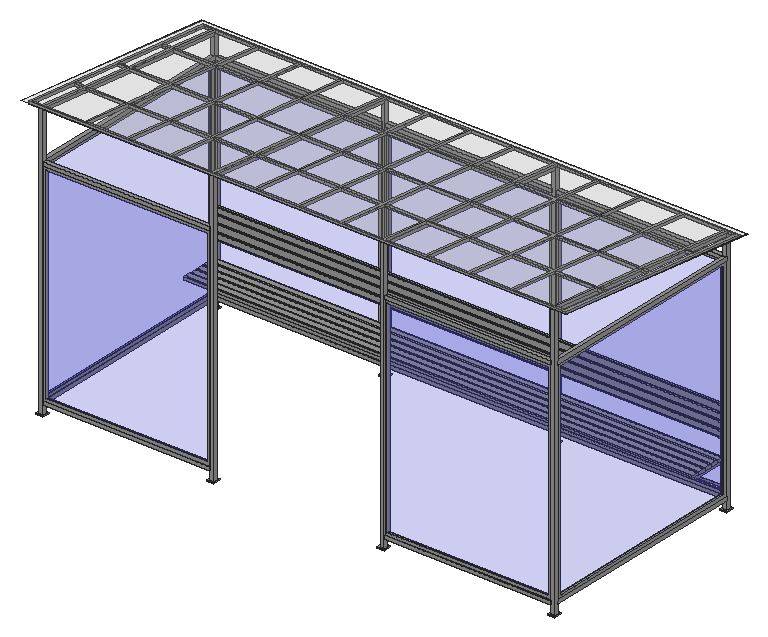
Revit family "Павильон для курения «Люксон» Арт 12187", category Антураж, Revit 2018
Family settings
  На основе рабочей плоскости = Нет
  Всегда вертикально = Да
  При загрузке вырезать с полостями = Нет
  Источник визуального образа = Геометрия семейства
  Общий = Нет
  Точка расчета площади = Нет
Parameters (values of type "Павильон для курения «Люксон»")
  ширина = 2500 mm  # constant formula
  Цвет лавки = Дерево
  Цвет каркаса = Сталь
  Описание = "Павильон для курения «Люксон»"  # constant formula
  Материал изделия = "Сталь, поликарбонат, стекло, дерево"  # constant formula
  Изображение типоразмера = Павильон для курения «Люксон» Арт 12187.jpg
  Изготовитель = "ООО «Хоббика»"  # constant formula
  Длина = 6000 mm  # constant formula
  Группа модели = "Навесы, перголы и ротонды"  # constant formula
  Высота = 3050 mm  # constant formula
  Артикул товара = "Арт. 12187"  # constant formula
  URL = "https://hobbyka.ru/product/pavilon_dlya_kureniya_lyukson/"
Reference planes
  plane 1 "По центру (Вперед/Назад)": y = 0
  plane 2: z = 0
  plane 3 "По центру (Влево/Вправо)": x = 0
  plane 4: y = 2500
  plane 5: x = 6000
  plane 6: z = 3050
Forms (mm)
  Extrusion 1, solid, material "Поликарбонат"
    sketch origin (0, 0, 0) x (0, 1, 0) y (0, 0, 1)
      loop
        line (0, 3050) -> (0, 3044.962) -> (2500, 2738.001) -> (2500, 2743.039) -> (0, 3050)
    from 0 to 6000
  Extrusion 2, solid, material "Сталь" <- "Цвет каркаса"
    sketch origin (0, 0, 0) x (0, 1, 0) y (0, 0, 1)
      loop
        line (50, 3038.823) -> (50, 3013.635) -> (2450, 2718.953) -> (2450, 2744.14) -> (50, 3038.823)
    from 50 to 75
  Extrusion 3, solid, material "Сталь" <- "Цвет каркаса"
    sketch origin (0, 0, 0) x (0, 1, 0) y (0, 0, 1)
      loop
        line (50, 3038.823) -> (50, 3013.635) -> (2450, 2718.953) -> (2450, 2744.14) -> (50, 3038.823)
    from 5925 to 5950
  Extrusion 4, solid, material "Сталь" <- "Цвет каркаса"
    sketch origin (0, 0, 0) x (0, 1, 0) y (0, 0, 1)
      loop
        line (50, 3038.823) -> (50, 3013.635) -> (2450, 2718.953) -> (2450, 2744.14) -> (50, 3038.823)
    from 175 to 200
  Extrusion 5, solid, not visible
    sketch origin (0, 0, 0) x (0, 1, 0) y (0, 0, 1)
      loop
        line (50, 3038.823) -> (50, 3013.635) -> (2450, 2718.953) -> (2450, 2744.14) -> (50, 3038.823)
    from 175 to 200
  Extrusion 6, solid, material "Сталь" <- "Цвет каркаса"
    sketch origin (0, 0, 0) x (0, 1, 0) y (0, 0, 1)
      loop
        line (50, 3038.823) -> (50, 3013.635) -> (2450, 2718.953) -> (2450, 2744.14) -> (50, 3038.823)
    from 643.75 to 668.75
  Extrusion 7, solid, material "Сталь" <- "Цвет каркаса"
    sketch origin (0, 0, 0) x (0, 1, 0) y (0, 0, 1)
      loop
        line (50, 3038.823) -> (50, 3013.635) -> (2450, 2718.953) -> (2450, 2744.14) -> (50, 3038.823)
    from 1112.5 to 1137.5
  Extrusion 8, solid, material "Сталь" <- "Цвет каркаса"
    sketch origin (0, 0, 0) x (0, 1, 0) y (0, 0, 1)
      loop
        line (50, 3038.823) -> (50, 3013.635) -> (2450, 2718.953) -> (2450, 2744.14) -> (50, 3038.823)
    from 1581.25 to 1606.25
  Extrusion 9, solid, material "Сталь" <- "Цвет каркаса"
    sketch origin (0, 0, 0) x (0, 1, 0) y (0, 0, 1)
      loop
        line (50, 3038.823) -> (50, 3013.635) -> (2450, 2718.953) -> (2450, 2744.14) -> (50, 3038.823)
    from 2050 to 2075
  Extrusion 10, solid, material "Сталь" <- "Цвет каркаса"
    sketch origin (0, 0, 0) x (0, 1, 0) y (0, 0, 1)
      loop
        line (50, 3038.823) -> (50, 3013.635) -> (2450, 2718.953) -> (2450, 2744.14) -> (50, 3038.823)
    from 2518.75 to 2543.75
  Extrusion 11, solid, material "Сталь" <- "Цвет каркаса"
    sketch origin (0, 0, 0) x (0, 1, 0) y (0, 0, 1)
      loop
        line (50, 3038.823) -> (50, 3013.635) -> (2450, 2718.953) -> (2450, 2744.14) -> (50, 3038.823)
    from 2987.5 to 3012.5
  Extrusion 12, solid, material "Сталь" <- "Цвет каркаса"
    sketch origin (0, 0, 0) x (0, 1, 0) y (0, 0, 1)
      loop
        line (50, 3038.823) -> (50, 3013.635) -> (2450, 2718.953) -> (2450, 2744.14) -> (50, 3038.823)
    from 3456.25 to 3481.25
  Extrusion 13, solid, material "Сталь" <- "Цвет каркаса"
    sketch origin (0, 0, 0) x (0, 1, 0) y (0, 0, 1)
      loop
        line (50, 3038.823) -> (50, 3013.635) -> (2450, 2718.953) -> (2450, 2744.14) -> (50, 3038.823)
    from 3925 to 3950
  Extrusion 14, solid, material "Сталь" <- "Цвет каркаса"
    sketch origin (0, 0, 0) x (0, 1, 0) y (0, 0, 1)
      loop
        line (50, 3038.823) -> (50, 3013.635) -> (2450, 2718.953) -> (2450, 2744.14) -> (50, 3038.823)
    from 4393.75 to 4418.75
  Extrusion 15, solid, material "Сталь" <- "Цвет каркаса"
    sketch origin (0, 0, 0) x (0, 1, 0) y (0, 0, 1)
      loop
        line (50, 3038.823) -> (50, 3013.635) -> (2450, 2718.953) -> (2450, 2744.14) -> (50, 3038.823)
    from 4862.5 to 4887.5
  Extrusion 16, solid, material "Сталь" <- "Цвет каркаса"
    sketch origin (0, 0, 0) x (0, 1, 0) y (0, 0, 1)
      loop
        line (50, 3038.823) -> (50, 3013.635) -> (2450, 2718.953) -> (2450, 2744.14) -> (50, 3038.823)
    from 5331.25 to 5356.25
  Extrusion 17, solid, material "Сталь" <- "Цвет каркаса"
    sketch origin (0, 0, 0) x (0, 1, 0) y (0, 0, 1)
      loop
        line (50, 3038.823) -> (50, 3013.635) -> (2450, 2718.953) -> (2450, 2744.14) -> (50, 3038.823)
    from 5800 to 5825
  Extrusion 18, solid, material "Сталь" <- "Цвет каркаса"
    sketch origin (0, 0, 0) x (0, 1, 0) y (0, 0, 1)
      loop
        line (2450, 2744.14) -> (2428.233, 2746.813) -> (2425.186, 2721.999) -> (2450, 2718.953) -> (2450, 2744.14)
      loop
        line (71.767, 3010.963) -> (74.814, 3035.776) -> (50, 3038.823) -> (50, 3013.635) -> (71.767, 3010.963)
      loop
        line (1861.645, 2791.193) -> (1864.692, 2816.007) -> (1839.878, 2819.054) -> (1836.831, 2794.24) -> (1861.645, 2791.193)
      loop
        line (1262.407, 2864.771) -> (1265.454, 2889.584) -> (1240.64, 2892.631) -> (1237.593, 2867.817) -> (1262.407, 2864.771)
      loop
        line (660.122, 2938.722) -> (663.169, 2963.536) -> (638.355, 2966.582) -> (635.308, 2941.769) -> (660.122, 2938.722)
    from 75 to 5925
  Extrusion 19, solid, material "Сталь" <- "Цвет каркаса"
    sketch origin (0, 0, 0) x (1, 0, 0) y (0, 1, 0)
      loop
        line (167.5, 2450) -> (167.5, 2410) -> (207.5, 2410) -> (207.5, 2450) -> (167.5, 2450)
      loop
        line (5832.5, 2450) -> (5792.5, 2450) -> (5792.5, 2410) -> (5832.5, 2410) -> (5832.5, 2450)
      loop
        line (2042.5, 2450) -> (2042.5, 2410) -> (2082.5, 2410) -> (2082.5, 2450) -> (2042.5, 2450)
      loop
        line (3957.5, 2450) -> (3917.5, 2450) -> (3917.5, 2410) -> (3957.5, 2410) -> (3957.5, 2450)
    from 0 to 2723.864
  Extrusion 20, solid, material "Сталь" <- "Цвет каркаса"
    sketch origin (0, -2360, 0) x (1, 0, 0) y (0, 1, 0)
      loop
        line (167.5, 2450) -> (167.5, 2410) -> (207.5, 2410) -> (207.5, 2450) -> (167.5, 2450)
      loop
        line (5832.5, 2450) -> (5792.5, 2450) -> (5792.5, 2410) -> (5832.5, 2410) -> (5832.5, 2450)
      loop
        line (2042.5, 2450) -> (2042.5, 2410) -> (2082.5, 2410) -> (2082.5, 2450) -> (2042.5, 2450)
      loop
        line (3917.5, 2450) -> (3917.5, 2410) -> (3957.5, 2410) -> (3957.5, 2450) -> (3917.5, 2450)
    from 0 to 3013.635
  Extrusion 21, solid, material "Сталь" <- "Цвет каркаса"
    sketch origin (0, 0, 0) x (1, 0, 0) y (0, 1, 0)
      loop
        line (227.5, 2390) -> (227.5, 2470) -> (147.5, 2470) -> (147.5, 2390) -> (227.5, 2390)
      loop
        line (2102.5, 2390) -> (2102.5, 2470) -> (2022.5, 2470) -> (2022.5, 2390) -> (2102.5, 2390)
      loop
        line (3977.5, 2390) -> (3977.5, 2470) -> (3897.5, 2470) -> (3897.5, 2390) -> (3977.5, 2390)
      loop
        line (5852.5, 2390) -> (5852.5, 2470) -> (5772.5, 2470) -> (5772.5, 2390) -> (5852.5, 2390)
      loop
        line (227.5, 30) -> (227.5, 110) -> (147.5, 110) -> (147.5, 30) -> (227.5, 30)
      loop
        line (2102.5, 30) -> (2102.5, 110) -> (2022.5, 110) -> (2022.5, 30) -> (2102.5, 30)
      loop
        line (3977.5, 30) -> (3977.5, 110) -> (3897.5, 110) -> (3897.5, 30) -> (3977.5, 30)
      loop
        line (5852.5, 30) -> (5852.5, 110) -> (5772.5, 110) -> (5772.5, 30) -> (5852.5, 30)
    from 0 to 10
  Extrusion 22, solid, material "Сталь" <- "Цвет каркаса"
    sketch origin (0, 0, 0) x (1, 0, 0) y (0, 1, 0)
      loop
        line (207.5, 2410) -> (167.5, 2410) -> (167.5, 90) -> (207.5, 90) -> (207.5, 2410)
      loop
        line (2082.5, 2450) -> (2082.5, 2410) -> (3917.5, 2410) -> (3917.5, 2450) -> (2082.5, 2450)
      loop
        line (5832.5, 2410) -> (5792.5, 2410) -> (5792.5, 90) -> (5832.5, 90) -> (5832.5, 2410)
    from 100 to 140
  Extrusion 23, solid, material "Сталь" <- "Цвет каркаса"
    sketch origin (0, 0, 0) x (1, 0, 0) y (0, 1, 0)
      loop
        line (207.5, 2410) -> (167.5, 2410) -> (167.5, 90) -> (207.5, 90) -> (207.5, 2410)
      loop
        line (2082.5, 2450) -> (2082.5, 2410) -> (3917.5, 2410) -> (3917.5, 2450) -> (2082.5, 2450)
      loop
        line (5832.5, 2410) -> (5792.5, 2410) -> (5792.5, 90) -> (5832.5, 90) -> (5832.5, 2410)
    from 2460 to 2500
  Extrusion 24, solid, material "Сталь" <- "Цвет каркаса"
    sketch origin (0, 0, 0) x (1, 0, 0) y (0, 1, 0)
      loop
        line (207.5, 2450) -> (207.5, 2410) -> (2042.5, 2410) -> (2042.5, 2450) -> (207.5, 2450)
      loop
        line (3957.5, 2450) -> (3957.5, 2410) -> (5792.5, 2410) -> (5792.5, 2450) -> (3957.5, 2450)
      loop
        line (207.5, 90) -> (207.5, 50) -> (2042.5, 50) -> (2042.5, 90) -> (207.5, 90)
      loop
        line (3957.5, 90) -> (3957.5, 50) -> (5792.5, 50) -> (5792.5, 90) -> (3957.5, 90)
    from 100 to 140
  Extrusion 25, solid, material "Сталь" <- "Цвет каркаса"
    sketch origin (0, 0, 0) x (1, 0, 0) y (0, 1, 0)
      loop
        line (207.5, 2450) -> (207.5, 2410) -> (2042.5, 2410) -> (2042.5, 2450) -> (207.5, 2450)
      loop
        line (3957.5, 2450) -> (3957.5, 2410) -> (5792.5, 2410) -> (5792.5, 2450) -> (3957.5, 2450)
      loop
        line (207.5, 90) -> (207.5, 50) -> (2042.5, 50) -> (2042.5, 90) -> (207.5, 90)
      loop
        line (3957.5, 90) -> (3957.5, 50) -> (5792.5, 50) -> (5792.5, 90) -> (3957.5, 90)
    from 2460 to 2500
  Extrusion 26, solid, material "Сталь" <- "Цвет каркаса"
    sketch origin (0, 0, 0) x (1, 0, 0) y (0, 0, 1)
      loop
        line (2042.5, 2460) -> (207.5, 2460) -> (207.5, 140) -> (2042.5, 140) -> (2042.5, 2460)
      loop
        line (3957.5, 2460) -> (3957.5, 140) -> (5792.5, 140) -> (5792.5, 2460) -> (3957.5, 2460)
      loop
        line (2012.5, 2430) -> (237.5, 2430) -> (237.5, 170) -> (2012.5, 170) -> (2012.5, 2430)
      loop
        line (3987.5, 2430) -> (3987.5, 170) -> (5762.5, 170) -> (5762.5, 2430) -> (3987.5, 2430)
    from -55 to -85
  Extrusion 27, solid, material "Сталь" <- "Цвет каркаса"
    sketch origin (0, 0, 0) x (1, 0, 0) y (0, 0, 1)
      loop
        line (2042.5, 2460) -> (207.5, 2460) -> (207.5, 140) -> (2042.5, 140) -> (2042.5, 2460)
      loop
        line (3957.5, 2460) -> (3957.5, 140) -> (5792.5, 140) -> (5792.5, 2460) -> (3957.5, 2460)
      loop
        line (2012.5, 2430) -> (237.5, 2430) -> (237.5, 170) -> (2012.5, 170) -> (2012.5, 2430)
      loop
        line (3987.5, 2430) -> (3987.5, 170) -> (5762.5, 170) -> (5762.5, 2430) -> (3987.5, 2430)
      loop
        line (3917.5, 2460) -> (2082.5, 2460) -> (2082.5, 140) -> (3917.5, 140) -> (3917.5, 2460)
      loop
        line (3887.5, 2430) -> (2112.5, 2430) -> (2112.5, 170) -> (3887.5, 170) -> (3887.5, 2430)
    from -2415 to -2445
  Extrusion 28, solid, material "Сталь" <- "Цвет каркаса"
    sketch origin (0, 0, 0) x (0, 1, 0) y (0, 0, 1)
      loop
        line (2410, 2460) -> (90, 2460) -> (90, 140) -> (2410, 140) -> (2410, 2460)
      loop
        line (2380, 170) -> (2380, 2430) -> (120, 2430) -> (120, 170) -> (2380, 170)
    from 172.5 to 202.5
  Extrusion 29, solid, material "Сталь" <- "Цвет каркаса"
    sketch origin (0, 0, 0) x (0, 1, 0) y (0, 0, 1)
      loop
        line (2410, 2460) -> (90, 2460) -> (90, 140) -> (2410, 140) -> (2410, 2460)
      loop
        line (2380, 170) -> (2380, 2430) -> (120, 2430) -> (120, 170) -> (2380, 170)
    from 5797.5 to 5827.5
  Extrusion 30, solid, material "Стекло"
    sketch origin (0, 0, 0) x (1, 0, 0) y (0, 1, 0)
      loop
        line (192.5, 2380) -> (182.5, 2380) -> (182.5, 120) -> (192.5, 120) -> (192.5, 2380)
      loop
        line (5817.5, 2380) -> (5807.5, 2380) -> (5807.5, 120) -> (5817.5, 120) -> (5817.5, 2380)
      loop
        line (237.5, 2435) -> (237.5, 2425) -> (2012.5, 2425) -> (2012.5, 2435) -> (237.5, 2435)
      loop
        line (2112.5, 2435) -> (2112.5, 2425) -> (3887.5, 2425) -> (3887.5, 2435) -> (2112.5, 2435)
      loop
        line (3987.5, 2435) -> (3987.5, 2425) -> (5762.5, 2425) -> (5762.5, 2435) -> (3987.5, 2435)
      loop
        line (237.5, 75) -> (237.5, 65) -> (2012.5, 65) -> (2012.5, 75) -> (237.5, 75)
      loop
        line (3987.5, 65) -> (5762.5, 65) -> (5762.5, 75) -> (3987.5, 75) -> (3987.5, 65)
    from 170 to 2430
  Extrusion 31, solid, material "Сталь" <- "Цвет каркаса"
    sketch origin (0, 0, 0) x (0, 1, 0) y (0, 0, 1)
      loop
        line (90, 3008.724) -> (90, 2978.499) -> (2410, 2693.639) -> (2410, 2723.864) -> (90, 3008.724)
    from 172.5 to 202.5
  Extrusion 32, solid, material "Сталь" <- "Цвет каркаса"
    sketch origin (0, 0, 0) x (0, 1, 0) y (0, 0, 1)
      loop
        line (90, 3008.724) -> (90, 2978.499) -> (2410, 2693.639) -> (2410, 2723.864) -> (90, 3008.724)
    from 2047.5 to 2077.5
  Extrusion 33, solid, material "Сталь" <- "Цвет каркаса"
    sketch origin (0, 0, 0) x (0, 1, 0) y (0, 0, 1)
      loop
        line (90, 3008.724) -> (90, 2978.499) -> (2410, 2693.639) -> (2410, 2723.864) -> (90, 3008.724)
    from 3922.5 to 3952.5
  Extrusion 34, solid, material "Сталь" <- "Цвет каркаса"
    sketch origin (0, 0, 0) x (0, 1, 0) y (0, 0, 1)
      loop
        line (90, 3008.724) -> (90, 2978.499) -> (2410, 2693.639) -> (2410, 2723.864) -> (90, 3008.724)
    from 5797.5 to 5827.5
  Extrusion 35, solid, material "Дерево" <- "Цвет лавки"
    sketch origin (0, 0, 0) x (0, 1, 0) y (0, 0, 1)
      loop
        line (2410, 1050) -> (2387.5, 1050)
        arc (2387.5, 1050) -> (2382.197, 1047.803) -> (2380, 1042.5) r 7.5
        line (2380, 1042.5) -> (2380, 977.5)
        arc (2380, 977.5) -> (2382.197, 972.197) -> (2387.5, 970) r 7.5
        line (2387.5, 970) -> (2410, 970) -> (2410, 1050)
      loop
        line (2410, 965) -> (2387.5, 965)
        arc (2387.5, 965) -> (2382.197, 962.803) -> (2380, 957.5) r 7.5
        line (2380, 957.5) -> (2380, 892.5)
        arc (2380, 892.5) -> (2382.197, 887.197) -> (2387.5, 885) r 7.5
        line (2387.5, 885) -> (2410, 885) -> (2410, 965)
      loop
        line (2410, 880) -> (2387.5, 880)
        arc (2387.5, 880) -> (2382.197, 877.803) -> (2380, 872.5) r 7.5
        line (2380, 872.5) -> (2380, 807.5)
        arc (2380, 807.5) -> (2382.197, 802.197) -> (2387.5, 800) r 7.5
        line (2387.5, 800) -> (2410, 800) -> (2410, 880)
      loop
        line (2410, 795) -> (2387.5, 795)
        arc (2387.5, 795) -> (2382.197, 792.803) -> (2380, 787.5) r 7.5
        line (2380, 787.5) -> (2380, 722.5)
        arc (2380, 722.5) -> (2382.197, 717.197) -> (2387.5, 715) r 7.5
        line (2387.5, 715) -> (2410, 715) -> (2410, 795)
      loop
        line (2070, 485) -> (2070, 507.5)
        arc (2070, 507.5) -> (2067.803, 512.803) -> (2062.5, 515) r 7.5
        line (2062.5, 515) -> (1997.5, 515)
        arc (1997.5, 515) -> (1992.197, 512.803) -> (1990, 507.5) r 7.5
        line (1990, 507.5) -> (1990, 485) -> (2070, 485)
      loop
        line (2155, 485) -> (2155, 507.5)
        arc (2155, 507.5) -> (2152.803, 512.803) -> (2147.5, 515) r 7.5
        line (2147.5, 515) -> (2082.5, 515)
        arc (2082.5, 515) -> (2077.197, 512.803) -> (2075, 507.5) r 7.5
        line (2075, 507.5) -> (2075, 485) -> (2155, 485)
      loop
        line (2240, 485) -> (2240, 507.5)
        arc (2240, 507.5) -> (2237.803, 512.803) -> (2232.5, 515) r 7.5
        line (2232.5, 515) -> (2167.5, 515)
        arc (2167.5, 515) -> (2162.197, 512.803) -> (2160, 507.5) r 7.5
        line (2160, 507.5) -> (2160, 485) -> (2240, 485)
      loop
        line (2325, 485) -> (2325, 507.5)
        arc (2325, 507.5) -> (2322.803, 512.803) -> (2317.5, 515) r 7.5
        line (2317.5, 515) -> (2252.5, 515)
        arc (2252.5, 515) -> (2247.197, 512.803) -> (2245, 507.5) r 7.5
        line (2245, 507.5) -> (2245, 485) -> (2325, 485)
      loop
        line (2410, 485) -> (2410, 507.5)
        arc (2410, 507.5) -> (2407.803, 512.803) -> (2402.5, 515) r 7.5
        line (2402.5, 515) -> (2337.5, 515)
        arc (2337.5, 515) -> (2332.197, 512.803) -> (2330, 507.5) r 7.5
        line (2330, 507.5) -> (2330, 485) -> (2410, 485)
    from 207.5 to 5792.5
  Extrusion 36, solid, material "Сталь" <- "Цвет каркаса"
    sketch origin (0, 0, 0) x (0, 1, 0) y (0, 0, 1)
      loop
        line (2410, 485) -> (2030, 485) -> (2030, 460) -> (2055, 460) -> (2410, 211.426) -> (2410, 241.946) -> (2098.586, 460) -> (2410, 460) -> (2410, 485)
    from 212.5 to 237.5
  Extrusion 37, solid, material "Сталь" <- "Цвет каркаса"
    sketch origin (0, 0, 0) x (0, 1, 0) y (0, 0, 1)
      loop
        line (2410, 485) -> (2030, 485) -> (2030, 460) -> (2055, 460) -> (2410, 211.426) -> (2410, 241.946) -> (2098.586, 460) -> (2410, 460) -> (2410, 485)
    from 2047.5 to 2077.5
  Extrusion 38, solid, material "Сталь" <- "Цвет каркаса"
    sketch origin (0, 0, 0) x (0, 1, 0) y (0, 0, 1)
      loop
        line (2410, 485) -> (2030, 485) -> (2030, 460) -> (2055, 460) -> (2410, 211.426) -> (2410, 241.946) -> (2098.586, 460) -> (2410, 460) -> (2410, 485)
    from 3922.5 to 3952.5
  Extrusion 39, solid, material "Сталь" <- "Цвет каркаса"
    sketch origin (0, 0, 0) x (0, 1, 0) y (0, 0, 1)
      loop
        line (2410, 485) -> (2030, 485) -> (2030, 460) -> (2055, 460) -> (2410, 211.426) -> (2410, 241.946) -> (2098.586, 460) -> (2410, 460) -> (2410, 485)
    from 5762.5 to 5787.5
Cuts and joins
  joined: Extrusion 2, Extrusion 3, Extrusion 4, Extrusion 6, Extrusion 7, Extrusion 8, Extrusion 9, Extrusion 10, Extrusion 11, Extrusion 12, Extrusion 13, Extrusion 14, Extrusion 15, Extrusion 16, Extrusion 17, Extrusion 18
Dimensions and locks
  "Длина": plane 3 "По центру (Влево/Вправо)" to plane 5
  "ширина": plane 1 "По центру (Вперед/Назад)" to plane 4
  "Высота": plane 6 to plane 2
  aligned and locked: level to plane 2
Automatic sketch dimensions
  Extrusion 5 sketch curve to Extrusion 5 sketch curve = 25.188 mm  (x2)
  Extrusion 5 sketch curve to Extrusion 5 sketch curve = 2400 mm
  Extrusion 5 sketch curve to Extrusion 5 sketch curve = 269.495 mm
  Extrusion 1 sketch curve to plane 1 "По центру (Вперед/Назад)" = 0 mm
  Extrusion 1 sketch curve to plane 4 = 0 mm
  Extrusion 1 sketch curve to plane 6 = 0 mm
  Extrusion 1 sketch curve to plane 6 = 5.038 mm
  Extrusion 1 sketch curve to plane 6 = 306.961 mm
  Extrusion 1 sketch curve to Extrusion 1 sketch curve = 5.038 mm
  Extrusion 2 sketch curve to plane 1 "По центру (Вперед/Назад)" = 50 mm
  Extrusion 2 sketch curve to plane 4 = 50 mm
  Extrusion 2 sketch curve to plane 6 = 331.047 mm
  Extrusion 2 sketch curve to Extrusion 2 sketch curve = 25.188 mm
  Extrusion 2 sketch curve to plane 6 = 36.365 mm
  Extrusion 2 sketch curve to plane 6 = 11.177 mm
  Extrusion 3 sketch curve to plane 1 "По центру (Вперед/Назад)" = 50 mm
  Extrusion 3 sketch curve to plane 4 = 50 mm
  Extrusion 3 sketch curve to plane 6 = 331.047 mm
  Extrusion 3 sketch curve to Extrusion 3 sketch curve = 25.188 mm
  Extrusion 3 sketch curve to plane 6 = 36.365 mm
  Extrusion 3 sketch curve to plane 6 = 11.177 mm
  Extrusion 4 sketch curve to plane 1 "По центру (Вперед/Назад)" = 50 mm
  Extrusion 4 sketch curve to plane 4 = 50 mm
  Extrusion 4 sketch curve to plane 6 = 331.047 mm
  Extrusion 4 sketch curve to Extrusion 4 sketch curve = 25.188 mm
  Extrusion 4 sketch curve to plane 6 = 36.365 mm
  Extrusion 4 sketch curve to plane 6 = 11.177 mm
  Extrusion 6 sketch curve to plane 1 "По центру (Вперед/Назад)" = 50 mm
  Extrusion 6 sketch curve to plane 4 = 50 mm
  Extrusion 6 sketch curve to plane 6 = 331.047 mm
  Extrusion 6 sketch curve to Extrusion 6 sketch curve = 25.188 mm
  Extrusion 6 sketch curve to plane 6 = 36.365 mm
  Extrusion 6 sketch curve to plane 6 = 11.177 mm
  Extrusion 7 sketch curve to plane 1 "По центру (Вперед/Назад)" = 50 mm
  Extrusion 7 sketch curve to plane 4 = 50 mm
  Extrusion 7 sketch curve to plane 6 = 331.047 mm
  Extrusion 7 sketch curve to Extrusion 7 sketch curve = 25.188 mm
  Extrusion 7 sketch curve to plane 6 = 36.365 mm
  Extrusion 7 sketch curve to plane 6 = 11.177 mm
  Extrusion 8 sketch curve to plane 1 "По центру (Вперед/Назад)" = 50 mm
  Extrusion 8 sketch curve to plane 4 = 50 mm
  Extrusion 8 sketch curve to plane 6 = 331.047 mm
  Extrusion 8 sketch curve to Extrusion 8 sketch curve = 25.188 mm
  Extrusion 8 sketch curve to plane 6 = 36.365 mm
  Extrusion 8 sketch curve to plane 6 = 11.177 mm
  Extrusion 9 sketch curve to plane 1 "По центру (Вперед/Назад)" = 50 mm
  Extrusion 9 sketch curve to plane 4 = 50 mm
  Extrusion 9 sketch curve to plane 6 = 331.047 mm
  Extrusion 9 sketch curve to Extrusion 9 sketch curve = 25.188 mm
  Extrusion 9 sketch curve to plane 6 = 36.365 mm
  Extrusion 9 sketch curve to plane 6 = 11.177 mm
  Extrusion 10 sketch curve to plane 1 "По центру (Вперед/Назад)" = 50 mm
  Extrusion 10 sketch curve to plane 4 = 50 mm
  Extrusion 10 sketch curve to plane 6 = 331.047 mm
  Extrusion 10 sketch curve to Extrusion 10 sketch curve = 25.188 mm
  Extrusion 10 sketch curve to plane 6 = 36.365 mm
  Extrusion 10 sketch curve to plane 6 = 11.177 mm
  Extrusion 11 sketch curve to plane 1 "По центру (Вперед/Назад)" = 50 mm
  Extrusion 11 sketch curve to plane 4 = 50 mm
  Extrusion 11 sketch curve to plane 6 = 331.047 mm
  Extrusion 11 sketch curve to Extrusion 11 sketch curve = 25.188 mm
  Extrusion 11 sketch curve to plane 6 = 36.365 mm
  Extrusion 11 sketch curve to plane 6 = 11.177 mm
  Extrusion 12 sketch curve to plane 1 "По центру (Вперед/Назад)" = 50 mm
  Extrusion 12 sketch curve to plane 4 = 50 mm
  Extrusion 12 sketch curve to plane 6 = 331.047 mm
  Extrusion 12 sketch curve to Extrusion 12 sketch curve = 25.188 mm
  Extrusion 12 sketch curve to plane 6 = 36.365 mm
  Extrusion 12 sketch curve to plane 6 = 11.177 mm
  Extrusion 13 sketch curve to plane 1 "По центру (Вперед/Назад)" = 50 mm
  Extrusion 13 sketch curve to plane 4 = 50 mm
  Extrusion 13 sketch curve to plane 6 = 331.047 mm
  Extrusion 13 sketch curve to Extrusion 13 sketch curve = 25.188 mm
  Extrusion 13 sketch curve to plane 6 = 36.365 mm
  Extrusion 13 sketch curve to plane 6 = 11.177 mm
  Extrusion 14 sketch curve to plane 1 "По центру (Вперед/Назад)" = 50 mm
  Extrusion 14 sketch curve to plane 4 = 50 mm
  Extrusion 14 sketch curve to plane 6 = 331.047 mm
  Extrusion 14 sketch curve to Extrusion 14 sketch curve = 25.188 mm
  Extrusion 14 sketch curve to plane 6 = 36.365 mm
  Extrusion 14 sketch curve to plane 6 = 11.177 mm
  Extrusion 15 sketch curve to plane 1 "По центру (Вперед/Назад)" = 50 mm
  Extrusion 15 sketch curve to plane 4 = 50 mm
  Extrusion 15 sketch curve to plane 6 = 331.047 mm
  Extrusion 15 sketch curve to Extrusion 15 sketch curve = 25.188 mm
  Extrusion 15 sketch curve to plane 6 = 36.365 mm
  Extrusion 15 sketch curve to plane 6 = 11.177 mm
  Extrusion 16 sketch curve to plane 1 "По центру (Вперед/Назад)" = 50 mm
  Extrusion 16 sketch curve to plane 4 = 50 mm
  Extrusion 16 sketch curve to plane 6 = 331.047 mm
  Extrusion 16 sketch curve to Extrusion 16 sketch curve = 25.188 mm
  Extrusion 16 sketch curve to plane 6 = 36.365 mm
  Extrusion 16 sketch curve to plane 6 = 11.177 mm
  Extrusion 17 sketch curve to plane 1 "По центру (Вперед/Назад)" = 50 mm
  Extrusion 17 sketch curve to plane 4 = 50 mm
  Extrusion 17 sketch curve to plane 6 = 331.047 mm
  Extrusion 17 sketch curve to Extrusion 17 sketch curve = 25.188 mm
  Extrusion 17 sketch curve to plane 6 = 36.365 mm
  Extrusion 17 sketch curve to plane 6 = 11.177 mm
  Extrusion 18 sketch curve to plane 6 = 11.177 mm
  Extrusion 18 sketch curve to plane 1 "По центру (Вперед/Назад)" = 50 mm
  Extrusion 18 sketch curve to plane 6 = 39.037 mm
  Extrusion 18 sketch curve to Extrusion 18 sketch curve = 21.767 mm  (x2)
  Extrusion 18 sketch curve to plane 6 = 14.224 mm
  Extrusion 18 sketch curve to plane 6 = 108.231 mm
  Extrusion 18 sketch curve to Extrusion 18 sketch curve = 563.541 mm
  Extrusion 18 sketch curve to plane 6 = 83.418 mm
  Extrusion 18 sketch curve to Extrusion 18 sketch curve = 3.047 mm  (x4)
  Extrusion 18 sketch curve to plane 6 = 111.278 mm
  Extrusion 18 sketch curve to plane 6 = 182.183 mm
  Extrusion 18 sketch curve to Extrusion 18 sketch curve = 577.471 mm
  Extrusion 18 sketch curve to plane 6 = 157.369 mm
  Extrusion 18 sketch curve to plane 6 = 185.229 mm
  Extrusion 18 sketch curve to plane 6 = 255.76 mm
  Extrusion 18 sketch curve to Extrusion 18 sketch curve = 574.425 mm
  Extrusion 18 sketch curve to plane 6 = 230.946 mm
  Extrusion 18 sketch curve to plane 6 = 258.807 mm
  Extrusion 18 sketch curve to plane 4 = 74.814 mm
  Extrusion 18 sketch curve to plane 6 = 303.187 mm
  Extrusion 18 sketch curve to Extrusion 18 sketch curve = 2.673 mm
  Extrusion 19 sketch curve to plane 4 = 50 mm  (x3)
  plane 3 "По центру (Влево/Вправо)" to Extrusion 19 sketch curve = 167.5 mm
  Extrusion 19 sketch curve to Extrusion 19 sketch curve = 40 mm  (x8)
  Extrusion 19 sketch curve to Extrusion 19 sketch curve = 1835 mm  (x2)
  Extrusion 19 sketch curve to plane 4 = 90 mm
  Extrusion 19 sketch curve to plane 5 = 207.5 mm
  plane 3 "По центру (Влево/Вправо)" to Extrusion 20 sketch curve = 167.5 mm
  Extrusion 20 sketch curve to Extrusion 20 sketch curve = 40 mm  (x8)
  Extrusion 20 sketch curve to plane 1 "По центру (Вперед/Назад)" = 90 mm  (x3)
  Extrusion 20 sketch curve to Extrusion 20 sketch curve = 1835 mm  (x2)
  Extrusion 20 sketch curve to plane 5 = 207.5 mm
  Extrusion 20 sketch curve to plane 1 "По центру (Вперед/Назад)" = 50 mm
  plane 3 "По центру (Влево/Вправо)" to Extrusion 21 sketch curve = 147.5 mm  (x2)
  Extrusion 21 sketch curve to Extrusion 21 sketch curve = 80 mm  (x12)
  Extrusion 21 sketch curve to plane 1 "По центру (Вперед/Назад)" = 30 mm  (x4)
  Extrusion 21 sketch curve to plane 4 = 110 mm  (x3)
  Extrusion 21 sketch curve to Extrusion 21 sketch curve = 1795 mm  (x4)
  Extrusion 21 sketch curve to plane 4 = 30 mm  (x4)
  Extrusion 21 sketch curve to plane 1 "По центру (Вперед/Назад)" = 110 mm
  Extrusion 21 sketch curve to plane 5 = 227.5 mm  (x2)
  plane 3 "По центру (Влево/Вправо)" to Extrusion 22 sketch curve = 167.5 mm
  Extrusion 22 sketch curve to Extrusion 22 sketch curve = 40 mm  (x3)
  Extrusion 22 sketch curve to plane 4 = 90 mm  (x3)
  Extrusion 22 sketch curve to Extrusion 22 sketch curve = 1875 mm
  Extrusion 22 sketch curve to Extrusion 22 sketch curve = 1835 mm
  Extrusion 22 sketch curve to plane 5 = 207.5 mm
  Extrusion 22 sketch curve to plane 1 "По центру (Вперед/Назад)" = 90 mm  (x2)
  plane 3 "По центру (Влево/Вправо)" to Extrusion 23 sketch curve = 167.5 mm
  Extrusion 23 sketch curve to Extrusion 23 sketch curve = 40 mm  (x3)
  Extrusion 23 sketch curve to plane 4 = 90 mm  (x3)
  Extrusion 23 sketch curve to Extrusion 23 sketch curve = 1875 mm
  Extrusion 23 sketch curve to Extrusion 23 sketch curve = 1835 mm
  Extrusion 23 sketch curve to plane 5 = 207.5 mm
  Extrusion 23 sketch curve to plane 1 "По центру (Вперед/Назад)" = 90 mm  (x2)
  Extrusion 24 sketch curve to plane 4 = 50 mm  (x2)
  plane 3 "По центру (Влево/Вправо)" to Extrusion 24 sketch curve = 207.5 mm  (x2)
  Extrusion 24 sketch curve to plane 1 "По центру (Вперед/Назад)" = 50 mm  (x2)
  Extrusion 24 sketch curve to Extrusion 24 sketch curve = 1835 mm  (x2)
  Extrusion 24 sketch curve to Extrusion 24 sketch curve = 1915 mm  (x2)
  Extrusion 24 sketch curve to plane 4 = 90 mm
  Extrusion 24 sketch curve to plane 1 "По центру (Вперед/Назад)" = 90 mm
  Extrusion 24 sketch curve to plane 5 = 207.5 mm  (x2)
  Extrusion 24 sketch curve to Extrusion 24 sketch curve = 40 mm  (x2)
  Extrusion 25 sketch curve to plane 4 = 50 mm  (x2)
  plane 3 "По центру (Влево/Вправо)" to Extrusion 25 sketch curve = 207.5 mm  (x2)
  Extrusion 25 sketch curve to plane 1 "По центру (Вперед/Назад)" = 50 mm  (x2)
  Extrusion 25 sketch curve to Extrusion 25 sketch curve = 1835 mm  (x2)
  Extrusion 25 sketch curve to Extrusion 25 sketch curve = 1915 mm  (x2)
  Extrusion 25 sketch curve to plane 4 = 90 mm
  Extrusion 25 sketch curve to plane 1 "По центру (Вперед/Назад)" = 90 mm
  Extrusion 25 sketch curve to plane 5 = 207.5 mm  (x2)
  Extrusion 25 sketch curve to Extrusion 25 sketch curve = 40 mm  (x2)
  plane 3 "По центру (Влево/Вправо)" to Extrusion 26 sketch curve = 207.5 mm
  Extrusion 26 sketch curve to Extrusion 26 sketch curve = 30 mm  (x8)
  level to Extrusion 26 sketch curve = 170 mm
  Extrusion 26 sketch curve to Extrusion 26 sketch curve = 1775 mm
  level to Extrusion 26 sketch curve = 140 mm
  Extrusion 26 sketch curve to Extrusion 26 sketch curve = 1915 mm
  Extrusion 26 sketch curve to plane 5 = 237.5 mm
  Extrusion 26 sketch curve to plane 6 = 620 mm  (x2)
  plane 3 "По центру (Влево/Вправо)" to Extrusion 27 sketch curve = 207.5 mm
  Extrusion 27 sketch curve to Extrusion 27 sketch curve = 30 mm  (x11)
  Extrusion 27 sketch curve to plane 6 = 620 mm  (x3)
  Extrusion 27 sketch curve to Extrusion 27 sketch curve = 1775 mm  (x2)
  Extrusion 27 sketch curve to Extrusion 27 sketch curve = 40 mm  (x2)
  level to Extrusion 27 sketch curve = 170 mm
  Extrusion 27 sketch curve to plane 5 = 237.5 mm
  level to Extrusion 27 sketch curve = 140 mm  (x2)
  Extrusion 27 sketch curve to Extrusion 27 sketch curve = 0 mm
  Extrusion 28 sketch curve to plane 1 "По центру (Вперед/Назад)" = 90 mm
  Extrusion 28 sketch curve to Extrusion 28 sketch curve = 30 mm  (x4)
  Extrusion 28 sketch curve to plane 4 = 120 mm
  level to Extrusion 28 sketch curve = 140 mm
  Extrusion 28 sketch curve to plane 6 = 620 mm
  Extrusion 29 sketch curve to plane 1 "По центру (Вперед/Назад)" = 90 mm
  Extrusion 29 sketch curve to Extrusion 29 sketch curve = 30 mm  (x4)
  Extrusion 29 sketch curve to plane 4 = 120 mm
  level to Extrusion 29 sketch curve = 140 mm
  Extrusion 29 sketch curve to plane 6 = 620 mm
  plane 3 "По центру (Влево/Вправо)" to Extrusion 30 sketch curve = 182.5 mm
  Extrusion 30 sketch curve to Extrusion 30 sketch curve = 10 mm  (x6)
  Extrusion 30 sketch curve to Extrusion 30 sketch curve = 45 mm  (x5)
  Extrusion 30 sketch curve to plane 4 = 65 mm  (x2)
  Extrusion 30 sketch curve to Extrusion 30 sketch curve = 1775 mm  (x3)
  Extrusion 30 sketch curve to plane 1 "По центру (Вперед/Назад)" = 65 mm  (x2)
  Extrusion 30 sketch curve to Extrusion 30 sketch curve = 100 mm  (x2)
  Extrusion 30 sketch curve to plane 4 = 75 mm
  Extrusion 30 sketch curve to plane 1 "По центру (Вперед/Назад)" = 75 mm
  Extrusion 30 sketch curve to Extrusion 30 sketch curve = 1975 mm
  Extrusion 30 sketch curve to plane 5 = 237.5 mm  (x2)
  Extrusion 30 sketch curve to Extrusion 30 sketch curve = 55 mm  (x2)
  Extrusion 31 sketch curve to plane 1 "По центру (Вперед/Назад)" = 90 mm
  Extrusion 31 sketch curve to plane 4 = 90 mm
  Extrusion 31 sketch curve to plane 6 = 356.361 mm
  Extrusion 31 sketch curve to Extrusion 31 sketch curve = 30.225 mm  (x2)
  Extrusion 31 sketch curve to plane 6 = 71.501 mm
  Extrusion 32 sketch curve to plane 1 "По центру (Вперед/Назад)" = 90 mm
  Extrusion 32 sketch curve to plane 4 = 90 mm
  Extrusion 32 sketch curve to plane 6 = 356.361 mm
  Extrusion 32 sketch curve to Extrusion 32 sketch curve = 30.225 mm  (x2)
  Extrusion 32 sketch curve to plane 6 = 71.501 mm
  Extrusion 33 sketch curve to plane 1 "По центру (Вперед/Назад)" = 90 mm
  Extrusion 33 sketch curve to plane 4 = 90 mm
  Extrusion 33 sketch curve to plane 6 = 356.361 mm
  Extrusion 33 sketch curve to Extrusion 33 sketch curve = 30.225 mm  (x2)
  Extrusion 33 sketch curve to plane 6 = 71.501 mm
  Extrusion 34 sketch curve to plane 1 "По центру (Вперед/Назад)" = 90 mm
  Extrusion 34 sketch curve to plane 4 = 90 mm
  Extrusion 34 sketch curve to plane 6 = 356.361 mm
  Extrusion 34 sketch curve to Extrusion 34 sketch curve = 30.225 mm  (x2)
  Extrusion 34 sketch curve to plane 6 = 71.501 mm
  Extrusion 35 sketch curve to plane 4 = 510 mm
  Extrusion 35 sketch curve to Extrusion 35 sketch curve = 7.5 mm  (x17)
  Extrusion 35 sketch curve to Extrusion 35 sketch curve = 65 mm  (x9)
  Extrusion 35 sketch curve to Extrusion 35 sketch curve = 5 mm  (x7)
  Extrusion 35 sketch curve to plane 4 = 120 mm  (x2)
  Extrusion 35 sketch curve to Extrusion 35 sketch curve = 0 mm  (x10)
  Extrusion 35 sketch curve to Extrusion 35 sketch curve = 22.5 mm  (x6)
  level to Extrusion 35 sketch curve = 485 mm
  Extrusion 35 sketch curve to Extrusion 35 sketch curve = 200 mm
  Extrusion 36 sketch curve to plane 4 = 470 mm
  Extrusion 36 sketch curve to Extrusion 36 sketch curve = 25 mm  (x2)
  Extrusion 36 sketch curve to Extrusion 36 sketch curve = 43.586 mm
  Extrusion 36 sketch curve to plane 4 = 90 mm  (x2)
  level to Extrusion 36 sketch curve = 211.426 mm
  Extrusion 36 sketch curve to Extrusion 36 sketch curve = 30.519 mm
  Extrusion 36 sketch curve to Extrusion 36 sketch curve = 218.054 mm  (x2)
  Extrusion 37 sketch curve to plane 4 = 470 mm
  Extrusion 37 sketch curve to Extrusion 37 sketch curve = 25 mm  (x2)
  Extrusion 37 sketch curve to Extrusion 37 sketch curve = 43.586 mm
  Extrusion 37 sketch curve to plane 4 = 90 mm  (x2)
  level to Extrusion 37 sketch curve = 211.426 mm
  Extrusion 37 sketch curve to Extrusion 37 sketch curve = 30.519 mm
  Extrusion 37 sketch curve to Extrusion 37 sketch curve = 218.054 mm  (x2)
  Extrusion 38 sketch curve to plane 4 = 470 mm
  Extrusion 38 sketch curve to Extrusion 38 sketch curve = 25 mm  (x2)
  Extrusion 38 sketch curve to Extrusion 38 sketch curve = 43.586 mm
  Extrusion 38 sketch curve to plane 4 = 90 mm  (x2)
  level to Extrusion 38 sketch curve = 211.426 mm
  Extrusion 38 sketch curve to Extrusion 38 sketch curve = 30.519 mm
  Extrusion 38 sketch curve to Extrusion 38 sketch curve = 218.054 mm  (x2)
  Extrusion 39 sketch curve to plane 4 = 470 mm
  Extrusion 39 sketch curve to Extrusion 39 sketch curve = 25 mm  (x2)
  Extrusion 39 sketch curve to Extrusion 39 sketch curve = 43.586 mm
  Extrusion 39 sketch curve to plane 4 = 90 mm  (x2)
  level to Extrusion 39 sketch curve = 211.426 mm
  Extrusion 39 sketch curve to Extrusion 39 sketch curve = 30.519 mm
  Extrusion 39 sketch curve to Extrusion 39 sketch curve = 218.054 mm  (x2)
